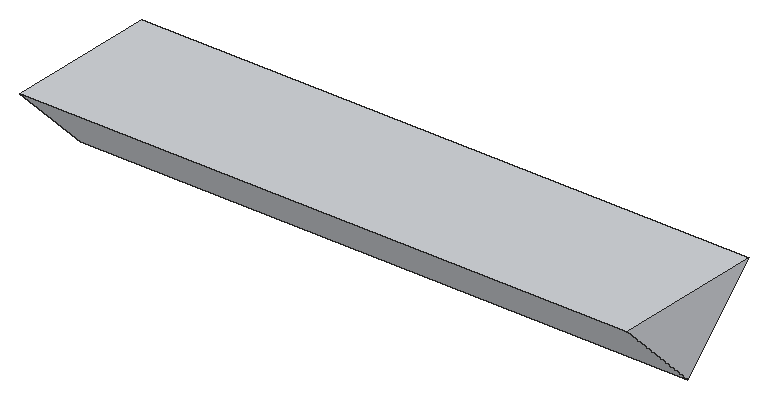
Revit family "M_Iluminação plana embutida", category Luminárias, Revit 2019
Family settings
  Hospedeiro = Face
  Cota do conector redondo = Utilizar diâmetro
  Tipo de parte = Normal
  Número OmniClass = 23.80.70.11.11
  Título OmniClass = General Luminaries, Non Directional
  ID de item do Seek = Plain Recessed Lighting Fixture-0000-CAN-ENU
  Corte com vazios quando carregada = Não
  Fonte luminosa = Sim
  Compartilhado = Não
  Ponto de cálculo do ambiente = Não
Parameters (values of type "300x1200 - 120")
  Largura = 300 mm
  Wattage = 64 W
  built-in parameter 1150110 = 1 (stored number, unit not read)
  built-in parameter 1150109 = 1 (stored number, unit not read)
  built-in parameter 1150134 = 8
  built-in parameter 1150113 = 1 (stored number, unit not read)
  Tilt Angle = -90.00°
  Lumens = 5699.84 lm
  built-in parameter 1114217 = 0.88 (stored number, unit not read)
  built-in parameter 1150115 = 1 (stored number, unit not read)
  built-in parameter 1150105 = 453.58 (stored number, unit not read)
  Classificação de carga = Iluminação - Unidade de interrupção
  built-in parameter 1150137 = 1
  built-in parameter 1150139 = (empty or 0)
  Comprimento = 1200 mm
  Arquivo de rede fotométrica = "1x42A12.ies"
  built-in parameter 1150112 = 1 (stored number, unit not read)
  built-in parameter 1150114 = 1 (stored number, unit not read)
  built-in parameter 1150132 = (empty or 0)
  built-in parameter 1150102 = (empty or 0)
  built-in parameter 1150138 = (empty or 0)
  built-in parameter 1150107 = 4230 (stored number, unit not read)
  built-in parameter 1150106 = 4.5358 (stored number, unit not read)
  Emitir da largura do retângulo = Largura  # 300 mm
  Emitir do comprimento do retângulo = Comprimento  # 1200 mm
  Emit Shape Visible in Rendering = no
  built-in parameter 1150104 = 8.2739 (stored number, unit not read)
  Dimming Lamp Color Temperature Shift = (empty or 0)
  Linear = 150 mm
  Elevação-padrão = 2000 mm
  Color Filter = 16777215
  built-in parameter 1140040 [instance] = 1
  Voltagem do transformador = 120 V
  built-in parameter 1114218 = 0.88 (stored number, unit not read)
  built-in parameter 1150133 = 10 (stored number, unit not read)
  Assembly Code = ""
  Apparent Load = 64 VA
Types (8, lengths in mm): name | Largura | Wattage | Lumens | built-in parameter 1150105 | Comprimento | Arquivo de rede fotométrica | built-in parameter 1150106 | Emitir da largura do retângulo | Emitir do comprimento do retângulo | built-in parameter 1150104 | Voltagem do transformador | Apparent Load
  300x1200 - 120 | 300 | 64 W | 5699.84 lm | 453.58 (stored number, unit not read) | 1200 | "1x42A12.ies" | 4.5358 (stored number, unit not read) | 300 | 1200 | 8.2739 (stored number, unit not read) | 120 V | 64 VA
  300x1200 - 277 | 300 | 64 W | 5699.84 lm | 453.58 (stored number, unit not read) | 1200 | "1x42A12.ies" | 4.5358 (stored number, unit not read) | 300 | 1200 | 8.2739 (stored number, unit not read) | 277 V | 64 VA
  500x1200 - 120 | 500 | 64 W | 5699.84 lm | 453.58 (stored number, unit not read) | 1200 | "20x42A12.ies" | 4.5358 (stored number, unit not read) | 500 | 1200 | 8.2739 (stored number, unit not read) | 120 V | 64 VA
  500x1200 - 277 | 500 | 64 W | 5699.84 lm | 453.58 (stored number, unit not read) | 1200 | "20x42A12.ies" | 4.5358 (stored number, unit not read) | 500 | 1200 | 8.2739 (stored number, unit not read) | 277 V | 64 VA
  600x600 - 120 | 600 | 62 W | 5199.94 lm | 413.8 (stored number, unit not read) | 600 | "2x22UA12.ies" | 4.138 (stored number, unit not read) | 600 | 600 | 7.7918 (stored number, unit not read) | 120 V | 62 VA
  600x600 - 277 | 600 | 62 W | 5199.94 lm | 413.8 (stored number, unit not read) | 600 | "2x22UA12.ies" | 4.138 (stored number, unit not read) | 600 | 600 | 7.7918 (stored number, unit not read) | 277 V | 62 VA
  600x1200 - 120 | 600 | 96 W | 8549.76 lm | 680.37 (stored number, unit not read) | 1200 | "2x43A12.ies" | 6.8037 (stored number, unit not read) | 600 | 1200 | 8.2739 (stored number, unit not read) | 120 V | 96 VA
  600x1200 - 277 | 600 | 96 W | 8549.76 lm | 680.37 (stored number, unit not read) | 1200 | "2x43A12.ies" | 6.8037 (stored number, unit not read) | 600 | 1200 | 8.2739 (stored number, unit not read) | 277 V | 96 VA
Reference planes
  plane 1 "Centro (Frente/Trás)": y = 0
  plane 2: z = 0
  plane 3 "Centro (Esquerda/Direita)": x = 0
  plane 4: x = 1200
  plane 5: y = -300
  plane 6: z = -150
  plane 7: y = -150
  plane 8: x = 600
Forms (mm)
  Extrusion 1, solid, detail levels medium
    sketch origin (0, 0, 0) x (1, 0, 0) y (0, 1, 0)
      loop
        line (-2133.6, 2108.2) -> (-2133.6, -2397.926) -> (2332.51, -2397.926) -> (2332.51, 2108.2) -> (-2133.6, 2108.2)
    from 0 to -304.8
  Extrusion 2, solid, detail levels fine
    sketch origin (0, -577.493, 0) x (1, 0, 0) y (0, 1, 0)
      loop
        line (0, 577.493) -> (0, 277.493) -> (1200, 277.493) -> (1200, 577.493) -> (0, 577.493)
    from 0 to -150
  Extrusion 3, void
    sketch origin (0, 0, 0) x (0, 1, 0) y (0, 0, 1)
      loop
        line (-300, 0) -> (-300, -150) -> (-150, -150) -> (-300, 0)
    from 1287.966 to -152.4
  Extrusion 4, void
    sketch origin (0, -304.8, 0) x (0, -1, 0) y (0, 0, -1)
      loop
        line (-304.8, 0) -> (-154.8, 150) -> (-304.8, 150) -> (-304.8, 0)
    from 1287.966 to -152.4
  Extrusion 5, solid, detail levels coarse+medium
    sketch origin (0, 0, 0) x (1, 0, 0) y (0, 1, 0)
      loop
        line (0, 0) -> (0, -300) -> (1200, -300) -> (1200, 0) -> (0, 0)
    from 0 to -152.4
Cuts and joins
  Extrusion 3, Extrusion 4 cuts Extrusion 2
Lines and regions (mm)
  symbolic lines
    curve 1: line (0, 0, 0) -> (1200, 0, 0)
    curve 2: line (1200, 0, 0) -> (1200, -300, 0)
    curve 3: line (1200, -300, 0) -> (0, -300, 0)
    curve 4: line (0, -300, 0) -> (0, 0, 0)
    curve 5: line (0, 0, 0) -> (1200, -300, 0)
Dimensions and locks
  "Comprimento": plane 3 "Centro (Esquerda/Direita)" to plane 4
  "Largura": plane 5 to plane 1 "Centro (Frente/Trás)"
  "Linear": Extrusion 1 to plane 6
  "Linear": Extrusion 3 sketch curve to Extrusion 3 sketch curve  (x2)
  "Linear": Extrusion 4 sketch curve to Extrusion 4 sketch curve  (x2)
  equal spacing: plane 5, plane 7, plane 1 "Centro (Frente/Trás)"
  equal spacing: plane 3 "Centro (Esquerda/Direita)", plane 8, plane 4
  aligned and locked: Extrusion 1 to plane 2
  aligned and locked: Extrusion 1 to level
  aligned and locked: plane 3 "Centro (Esquerda/Direita)" to Extrusion 2 sketch curve
  aligned and locked: plane 1 "Centro (Frente/Trás)" to Extrusion 2 sketch curve
  aligned and locked: plane 5 to Extrusion 2 sketch curve
  aligned and locked: Extrusion 2 sketch curve to plane 4
  aligned and locked: Extrusion 2 to plane 6
  aligned and locked: plane 5 to Extrusion 2
  aligned and locked: plane 6 to Extrusion 3 sketch curve
  aligned and locked: plane 5 to Extrusion 3 sketch curve
  aligned and locked: Extrusion 5 to plane 1 "Centro (Frente/Trás)"
  aligned and locked: Extrusion 5 to plane 3 "Centro (Esquerda/Direita)"  (x2)
  aligned and locked: plane 4 to Extrusion 5
  aligned and locked: Extrusion 5 to plane 5
  aligned and locked: plane 4 to cut or joined group of Extrusion 2, Extrusion 3, Extrusion 4
  aligned and locked: cut or joined group of Extrusion 2, Extrusion 3, Extrusion 4 to plane 3 "Centro (Esquerda/Direita)"
  aligned and locked: plane 3 "Centro (Esquerda/Direita)" to curve 4
  aligned and locked: plane 3 "Centro (Esquerda/Direita)" to curve 5
  aligned and locked: plane 4 to curve 5
  aligned and locked: curve 2 to plane 4
  aligned and locked: plane 5 to curve 3
  aligned and locked: plane 1 "Centro (Frente/Trás)" to curve 1
  aligned and locked: plane 2 to imposter light
  aligned and locked: plane 7 to imposter light
  aligned and locked: plane 8 to imposter light
Automatic sketch dimensions
  Extrusion 4 sketch curve to plane 1 "Centro (Frente/Trás)" = 0 mm
  Extrusion 4 sketch curve to plane 6 = 0 mm
  Extrusion 5 sketch curve to plane 3 "Centro (Esquerda/Direita)" = 0 mm
  Extrusion 5 sketch curve to plane 5 = 0 mm
  Extrusion 5 sketch curve to plane 1 "Centro (Frente/Trás)" = 0 mm
  Extrusion 5 sketch curve to plane 4 = 0 mm
  Extrusion 1 sketch curve to Extrusion 1 sketch curve = 4466.11 mm
  Extrusion 1 sketch curve to Extrusion 1 sketch curve = 4506.126 mm
Connectors
  electrical at (600, -150, -152.4), driven by "Voltagem do transformador", driven by "Apparent Load", driven by "Classificação de carga"
    settings: on Extrusion 5, index 1, voltage 120 V, apparent load 0 VA, apparent load phase1 64 VA, apparent load phase2 0 VA, apparent load phase3 0 VA, power factor 0.95, load classification "Iluminação - Unidade de interrupção", number of poles 1, system type 31, power factor state 1, is connector primary yes, connector utility no, sub classification motor no, connector description ""
